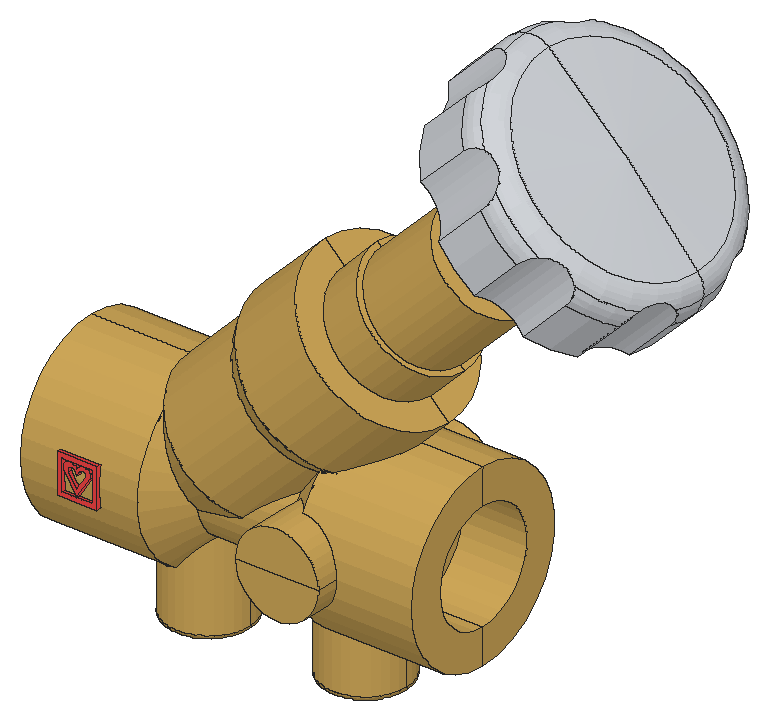
Revit family "Запорный клапан 4125 AD", category Rohrzubehör, Revit 2018
Family settings
  Bemaßung runder Anschluss = Durchmesser verwenden
  Teiletyp = Unterbricht
  OmniClass-Nummer = 23.65.55.14
  OmniClass-Titel = Valves for Liquid Services
  Arbeitsebenenbasiert = Nein
  Immer vertikal = Ja
  Beim Laden mit Abzugskörper schneiden = Nein
  Gemeinsam genutzt = Nein
Parameters
  Шпиндель = "Латунь CW617N"  # constant formula
  Уплотнение = "EPDM"  # constant formula
  Среда = "Качество теплоносителя в соответствии с ÖNORM H5195 и/или предписаниями VDI 2035.\r\nРазрешается использование смеси этилен- или пропиленгликоля в соотношении 25-50% с водой."
  Область применения = "Для перекрытия трубопроводов в системах отопления и холодоснабжения."
  Номер заказа [instance] = size_lookup("4125AD_", "Artnr", 0, Nennweite)  # 1412573
  Маховик = "Пластик"  # constant formula
  Макс. рабочее давление = 2000000.0 Pa  # constant formula
  Макс. рабочая температура = 110 °C  # constant formula
  Макс. перепад давления на закрытом клапане = 1000000.0 Pa  # constant formula
  Корпус = "Латунь, устойчивая к селективной цинковой коррозии, CC752S"  # constant formula
  Конус = "Латунь, устойчивая к селективной цинковой коррозии, CW602N"  # constant formula
  Исполнение = "STRÖMAX-AD-запорный клапан с наклонным шпинделем, латунный корпус без покрытия, модель с длинными резьбовыми муфтами и двумя отверстиями для дренажа, установлена 1 резьбовая заглушка 2 0273 0Х, неподнимающийся шпиндель, уплотнение шпинделя с помощью двойных уплотнительных колец O-Ring. Клапаны для слива заказываются отдельно."
  Букса = "Латунь, устойчивая к селективной цинковой коррозии, CW602N"  # constant formula
  W01 = 45.00°  # constant formula
  URL = "www.herz-armaturen.ru"
  SW01 = 60.00°  # constant formula
  SC_NennweiteBerechnet [instance] = 0
  SC_Dimension [instance] = ""
  SCRNSEQ = "ARM;ARM_TYP=\"ABSV\";2"
  SCRNCODE = "05;07;02"  # constant formula
  S03 = 60.000 mm  # constant formula
  S02 [instance] = L06 + L09 + L12 + L15  # 113.800 mm
  S01 [instance] = R01 * 2  # 41.000 mm
  R12 [instance] = R01 - 1.000 mm  # 19.500 mm
  R11 [instance] = size_lookup("4125AD_", "R11", 1.000 mm, Nennweite)  # 6.000 mm
  R100 = 1.000 mm  # constant formula
  R10 [instance] = size_lookup("4125AD_", "R10", 1.000 mm, Nennweite)  # 9.000 mm
  R09 [instance] = size_lookup("4125AD_", "R9", 1.000 mm, Nennweite)  # 12.750 mm
  R08 [instance] = size_lookup("4125AD_", "R8", 1.000 mm, Nennweite)  # 14.000 mm
  R07 [instance] = size_lookup("4125AD_", "R7", 1.000 mm, Nennweite)  # 20.000 mm
  R06 [instance] = size_lookup("4125AD_", "R6", 1.000 mm, Nennweite)  # 17.750 mm
  R05 [instance] = Nennweite / 2  # 12.500 mm
  R04 [instance] = size_lookup("4125AD_", "R4", 1.000 mm, Nennweite)  # 9.500 mm
  R03 = 9.500 mm  # constant formula
  R02 [instance] = Nennweite / 2  # 12.500 mm
  R01 [instance] = size_lookup("4125AD_", "R1", 1.000 mm, Nennweite)  # 20.500 mm
  Nennweite [instance] = 25.000 mm
  L16 [instance] = L01 / 2  # 13.500 mm
  L15 [instance] = size_lookup("4125AD_", "L15", 1.000 mm, Nennweite)  # 12.400 mm
  L14 [instance] = size_lookup("4125AD_", "L14", 1.000 mm, Nennweite)  # 12.000 mm
  L12 [instance] = size_lookup("4125AD_", "L12", 1.000 mm, Nennweite)  # 43.400 mm
  L11 [instance] = size_lookup("4125AD_", "L11", 1.000 mm, Nennweite)  # 22.400 mm
  L10 [instance] = size_lookup("4125AD_", "L10", 1.000 mm, Nennweite)  # 11.000 mm
  L09 [instance] = size_lookup("4125AD_", "L9", 1.000 mm, Nennweite)  # 19.500 mm
  L08 [instance] = size_lookup("4125AD_", "L8", 1.000 mm, Nennweite)  # 34.000 mm
  L07 [instance] = size_lookup("4125AD_", "L7", 1.000 mm, Nennweite)  # 18.000 mm
  L06 [instance] = size_lookup("4125AD_", "L6", 1.000 mm, Nennweite) - L09  # 38.500 mm
  L05 [instance] = size_lookup("4125AD_", "L5", 1.000 mm, Nennweite)  # 25.500 mm
  L04 [instance] = size_lookup("4125AD_", "L4", 1.000 mm, Nennweite)  # 25.500 mm
  L03 = 15.000 mm  # constant formula
  L02 [instance] = size_lookup("4125AD_", "L2", 1.000 mm, Nennweite)  # 11.000 mm
  L01 [instance] = size_lookup("4125AD_", "L1", 1.000 mm, Nennweite)  # 27.000 mm
  L00 [instance] = size_lookup("4125AD_", "L", 1.000 mm, Nennweite)  # 90.000 mm
  Hersteller = "HERZ Armaturen Ges.m.b.H."  # constant formula
  H01 [instance] = size_lookup("4125AD_", "H1", 1.000 mm, Nennweite)  # 32.000 mm
  DN80 [instance] = Nennweite = 80.000 mm  # no
  DN65 [instance] = Nennweite = 65.000 mm  # no
  DN50 [instance] = Nennweite = 50.000 mm  # no
  DN40 [instance] = Nennweite = 40.000 mm  # no
  DN32 [instance] = Nennweite = 32.000 mm  # no
  DN25-DN80 [instance] = or(Nennweite = 25.000 mm, Nennweite = 32.000 mm, Nennweite = 40.000 mm, Nennweite = 50.000 mm, Nennweite = 65.000 mm, Nennweite = 80.000 mm)  # yes
  DN25 [instance] = Nennweite = 25.000 mm  # yes
  DN20 [instance] = Nennweite = 20.000 mm  # no
  DN15 [instance] = Nennweite = 15.000 mm  # no
  DN [instance] = 0.000 mm
Reference planes
  plane 1 "Mitte (Vorne/hinten)": y = 0
  plane 2: z = 0
  plane 3 "Mitte (Links/rechts)": x = 0
Forms (mm)
  Revolve 1, solid, material "Messing, weicher Gelbton, geschweißt", detail levels fine
    sketch origin (470, 0, 0) x (1, 0, 0) y (0, 0, 1)
      loop
        line (-515, 12.5) -> (-500, 12.5) -> (-500, 0) -> (-440, 0) -> (-440, 12.5) -> (-425, 12.5) -> (-425, 20.5) -> (-452, 20.5) -> (-459, 12.5) -> (-481, 12.5) -> (-488, 20.5) -> (-515, 20.5) -> (-515, 12.5)
      axis (-515, 0) -> (-425, 0)
    angle from 0 to 360
  Revolve 2, solid, material "Messing, weicher Gelbton, geschweißt", detail levels fine
    sketch origin (470, 0, 0) x (1, 0, 0) y (0, 0, 1)
      loop
        line (-497.5, 0) -> (-497.5, -31)
        arc (-497.5, -31) -> (-497.207, -31.707) -> (-496.5, -32) r 1
        line (-496.5, -32) -> (-488, -32) -> (-488, 0) -> (-497.5, 0)
      axis (-488, 0) -> (-488, -32)
    angle from 0 to 360
  Revolve 3, solid, material "Messing, weicher Gelbton, geschweißt", detail levels fine
    sketch origin (0, 0, 0) x (1, 0, 0) y (0, 1, 0)
      loop
        line (18, -25.5) -> (27.5, -25.5) -> (27.5, 25.5) -> (18, 25.5) -> (18, -25.5)
      axis (18, -25.5) -> (18, 25.5)
    angle from 0 to 360
  Revolve 4, solid, material "Messing, weicher Gelbton, geschweißt", visible <- "DN25-DN80", detail levels fine
    sketch origin (-470, 0, 0) x (-1, 0, 0) y (0, 0, 1)
      loop
        line (-497.5, 0) -> (-497.5, -31)
        arc (-497.5, -31) -> (-497.207, -31.707) -> (-496.5, -32) r 1
        line (-496.5, -32) -> (-488, -32) -> (-488, 0) -> (-497.5, 0)
      axis (-488, 0) -> (-488, -32)
    angle from 0 to 360
  Revolve 5, solid, material "Messing, weicher Gelbton, geschweißt", detail levels fine
    sketch origin (0.32, 0, -0.105) x (1, 0, 0) y (0, 0, 1)
      loop
        line (-18.32, 0) -> (62.149, 80.469) -> (57.906, 84.711) -> (49.138, 75.943) -> (47.017, 78.065) -> (39.946, 70.994) -> (37.294, 73.645) -> (21.455, 57.806) -> (20.571, 58.69) -> (12.793, 50.912) -> (8.55, 55.154) -> (-5.239, 41.366) -> (-6.83, 36.593) -> (-22.386, 21.036) -> (-27.159, 8.839) -> (-18.32, 0)
      axis (-18.32, 0) -> (62.149, 80.469)
    angle from 0 to 360
Lines and regions (mm)
  model lines, detail levels coarse+medium
    curve 1: line (-45, 0, 20.5) -> (-45, 0, -20.5)
    curve 2: line (-45, 0, -20.5) -> (45, 0, 20.5)
    curve 3: line (45, 0, 20.5) -> (45, 0, -20.5)
    curve 4: line (45, 0, -20.5) -> (-45, 0, 20.5)
    curve 5: line (0, 0, 0) -> (56.9, 0, 98.554)
    curve 6: line (30.919, 0, 113.554) -> (82.881, 0, 83.554)
    curve 7: line (-45, -20.5, 0) -> (-45, 20.5, 0)
    curve 8: line (-45, 20.5, 0) -> (45, -20.5, 0)
    curve 9: line (45, -20.5, 0) -> (45, 20.5, 0)
    curve 10: line (45, 20.5, 0) -> (-45, -20.5, 0)
    curve 11: line (0, 0, 0) -> (56.9, 98.554, 0)
    curve 12: line (30.919, 113.554, 0) -> (82.881, 83.554, 0)
Dimensions and locks
  "H01": plane 2 to Revolve 2 sketch curve
  "L00": Revolve 1 sketch curve to Revolve 1 sketch curve
  equal spacing: Revolve 1 sketch curve, plane 3 "Mitte (Links/rechts)", Revolve 1 sketch curve
  "R01": Revolve 1 sketch curve to Revolve 1 sketch curve  (x2)
  "R02": Revolve 1 sketch curve to Revolve 1 sketch curve  (x3)
  "L01": Revolve 1 sketch curve to Revolve 1 sketch curve  (x2)
  "L02": plane 3 "Mitte (Links/rechts)" to Revolve 1 sketch curve
  "L02": Revolve 1 sketch curve to plane 3 "Mitte (Links/rechts)"
  "L03": Revolve 1 sketch curve to Revolve 1 sketch curve  (x2)
  "L01": Revolve 1 to Revolve 2 sketch curve
  "R03": Revolve 2 sketch curve to Revolve 2 sketch curve
  "L01": Revolve 4 sketch curve to Revolve 1
  "R03": Revolve 4 sketch curve to Revolve 4 sketch curve
  "H01": plane 2 to Revolve 4 sketch curve
  "L04": Revolve 3 sketch curve to plane 1 "Mitte (Vorne/hinten)"
  "L05": plane 1 "Mitte (Vorne/hinten)" to Revolve 3 sketch curve
  "R04": Revolve 3 sketch curve to Revolve 3 sketch curve
  "L01": Revolve 3 sketch curve to Revolve 1
  "R07": Revolve 5 sketch curve to Revolve 5 sketch curve
  "L07": plane 3 "Mitte (Links/rechts)" to Revolve 5 sketch curve
  "R05": Revolve 5 sketch curve to Revolve 5 sketch curve
  "L06": Revolve 5 sketch curve to Revolve 5 sketch curve
  "L08": Revolve 5 sketch curve to Revolve 5 sketch curve
  "R06": Revolve 5 sketch curve to Revolve 5 sketch curve
  "L14": Revolve 5 sketch curve to Revolve 5 sketch curve
  "L09": Revolve 5 sketch curve to Revolve 5 sketch curve
  "R08": Revolve 5 sketch curve to Revolve 5 sketch curve
  "L10": Revolve 5 sketch curve to Revolve 5 sketch curve
  "R09": Revolve 5 sketch curve to Revolve 5 sketch curve
  "R10": Revolve 5 sketch curve to Revolve 5 sketch curve
  "L12": Revolve 5 sketch curve to Revolve 5 sketch curve
  "R11": Revolve 5 sketch curve to Revolve 5 sketch curve
  "L15": Revolve 5 sketch curve to Revolve 5 sketch curve
  "L11": Revolve 5 sketch curve to Revolve 5 sketch curve
  "R12": nested 9 to plane 1 "Mitte (Vorne/hinten)"
  "L16": Revolve 1 to nested 9
  equal spacing: curve 1, plane 3 "Mitte (Links/rechts)", curve 3
  "L00": curve 1 to curve 3
  equal spacing: curve 4, plane 2, curve 2
  "S01": curve 4 to curve 1
  "S01": curve 3 to curve 4
  equal spacing: curve 3, plane 2, curve 4
  "S02": curve 5 to curve 5
  equal spacing: curve 6, curve 5, curve 6
  "S03": curve 6 to curve 6
  equal spacing: curve 7, plane 3 "Mitte (Links/rechts)", curve 9
  "L00": curve 7 to curve 9
  equal spacing: curve 10, plane 1 "Mitte (Vorne/hinten)", curve 8
  "S01": curve 8 to curve 10
  equal spacing: curve 9, plane 1 "Mitte (Vorne/hinten)", curve 10
  "S01": curve 10 to curve 9
  "S02": curve 11 to curve 11
  equal spacing: curve 12, curve 11, curve 12
  "S03": curve 12 to curve 12
  "R100": radius of Revolve 2 sketch curve
  "R100": radius of Revolve 4 sketch curve
  "W01": angle plane 2 to Revolve 5 sketch curve
  "W01": angle level to Revolve 5 sketch curve
  "SW01": angle plane 2 to curve 5
  "SW01": angle plane 1 "Mitte (Vorne/hinten)" to curve 11
  aligned and locked: level to plane 2
Automatic sketch dimensions
  curve 5 to level = 0.000 mm
  plane 1 "Mitte (Vorne/hinten)" to curve 11 = 0.000 mm
  Revolve 1 sketch curve to level = 0.000 mm  (x2)
  Revolve 1 sketch curve to Revolve 1 sketch curve = 791.990 mm
  Revolve 1 sketch curve to Revolve 1 sketch curve = 2278.983 mm
  Revolve 2 sketch curve to level = 0.000 mm  (x2)
  Revolve 2 sketch curve to Revolve 2 sketch curve = 0.000 mm
  Revolve 2 sketch curve to Revolve 2 sketch curve = 0.292 mm
  Revolve 3 sketch curve to Revolve 3 sketch curve = 0.000 mm  (x3)
  Revolve 4 sketch curve to level = 0.000 mm  (x2)
  Revolve 4 sketch curve to Revolve 4 sketch curve = 0.000 mm
  Revolve 4 sketch curve to Revolve 4 sketch curve = 0.292 mm
  Revolve 5 sketch curve to level = 0.105 mm
  Revolve 5 sketch curve to Revolve 5 sketch curve = 0.000 mm  (x2)
Nested families
  nested 1: "Strömax-Handrad_Schrägsitz" at (42.584, 0, 54.979), visible <- "DN15", type "Strömax-Handrad_Schrägsitz", detail levels fine
    with Nennweite 0.000 mm, Gewicht 0.00 kg, Bestellnummer 0
  nested 2: "Strömax-Handrad_Schrägsitz" at (54.312, 0, 67.707), visible <- "DN20", type "Strömax-Handrad_Schrägsitz", detail levels fine
    with Nennweite 0.000 mm, Gewicht 0.00 kg, Bestellnummer 0
  nested 3: "Strömax-Handrad_Schrägsitz" at (62.469, 0, 80.364), visible <- "DN25", type "Strömax-Handrad_Schrägsitz", detail levels fine
    with Nennweite 0.000 mm, Gewicht 0.00 kg, Bestellnummer 0
  nested 4: "Strömax-Handrad_Schrägsitz" at (71.712, 0, 91.607), visible <- "DN32", type "Strömax-Handrad_Schrägsitz", detail levels fine
    with Nennweite 0.000 mm, Gewicht 0.00 kg, Bestellnummer 0
  nested 5: "Strömax-Handrad_Schrägsitz" at (80.399, 0, 101.294), visible <- "DN40", type "Strömax-Handrad_Schrägsitz", detail levels fine
    with Nennweite 0.000 mm, Gewicht 0.00 kg, Bestellnummer 0
  nested 6: "Strömax-Handrad_Schrägsitz" at (97.83, 0, 129.225), visible <- "DN50", type "Strömax-Handrad_Schrägsitz", detail levels fine
    with Nennweite 0.000 mm, Gewicht 0.00 kg, Bestellnummer 0
  nested 7: "Strömax-Handrad_Schrägsitz" at (114.482, 0, 149.378), visible <- "DN65", type "Strömax-Handrad_Schrägsitz", detail levels fine
    with Nennweite 0.000 mm, Gewicht 0.00 kg, Bestellnummer 0
  nested 8: "Strömax-Handrad_Schrägsitz" at (140.423, 0, 183.319), visible <- "DN80", type "Strömax-Handrad_Schrägsitz", detail levels fine
    with Nennweite 0.000 mm, Gewicht 0.00 kg, Bestellnummer 0
  nested 9: "Herz-Logo-vorne" at (-31.5, -20.232, 0) x (0, 1, 0) z (0, 0, 1), type "Herz-Logo-vorne", detail levels fine
Connectors
  piping at (-30, 0, 0), diameter 25, driven by "Nennweite"
    settings: on Revolve 1, index 1, connector inside diameter 609.6 mm, connector length 0.000 mm, flow factor 0, pipe flow 0.0 L/s, pressure drop 0.0 Pa, fitting loss kfactor 0, connector angle 0.00°, fixture units 0, engagement length 0.000 mm, angle of deflection 0.00°, flow configuration 0, flow direction 1, fitting loss method 0, system type 29, joint type 0, gender type 0, connector reference index -1, connector utility 0, adjustable connector no, is connector primary yes, connector description ""
  piping at (30, 0, 0), diameter 25, driven by "Nennweite"
    settings: on Revolve 1, index 2, connector inside diameter 609.6 mm, connector length 0.000 mm, flow factor 0, pipe flow 0.0 L/s, pressure drop 0.0 Pa, fitting loss kfactor 0, connector angle 0.00°, fixture units 0, engagement length 0.000 mm, angle of deflection 0.00°, flow configuration 0, flow direction 2, fitting loss method 0, system type 29, joint type 0, gender type 0, connector reference index -1, connector utility 0, adjustable connector no, is connector primary no, connector description ""
Definition of nested family "Strömax-Handrad_Schrägsitz"
  Parameters (values of type "Strömax-Handrad_Schrägsitz")
    URL = "www.herz-armaturen.at"
    Nennweite [instance] = 0.000 mm
    Manufacturer = "Herz Armaturen GmbH"  # constant formula
    Gewicht [instance] = 0.00 kg
    Bestellnummer [instance] = 0
  Reference planes
    plane 1 "Mitte (Vorne/hinten)": y = 0
    plane 2: z = 0
    plane 3 "Mitte (Links/rechts)": x = 0
  Forms (mm)
    Revolve 1, solid
      sketch origin (0, 0, 0) x (0.707107, 0, -0.707107) y (0.707107, 0, 0.707107)
        loop
          line (0, 0) -> (0, 22)
          arc (0, 22) -> (-12.15, 21.705) -> (-24.271, 20.819) r 250
          arc (-24.271, 20.819) -> (-26.831, 19.959) -> (-28.754, 18.063) r 6
          arc (-28.754, 18.063) -> (-29.682, 16.008) -> (-30, 13.776) r 8
          line (-30, 13.776) -> (-30, 0) -> (0, 0)
        axis (0, 22) -> (0, 0)
      angle from 0 to 360
    Extrusion 2, void
      sketch origin (0, 0, 0) x (0.707107, 0, -0.707107) y (0, 1, 0)
        loop
          circle (14.351, -34.645) r 10
      from 0 to 22
    Extrusion 3, void
      sketch origin (0, 0, 0) x (-0.707107, 0, 0.707107) y (0, -1, 0)
        loop
          circle (14.351, 34.645) r 10
      from 0 to 22
    Extrusion 4, void
      sketch origin (0, 0, 0) x (0, -1, 0) y (0.707107, 0, -0.707107)
        loop
          circle (14.351, 34.645) r 10
      from 0 to 22
    Extrusion 5, void
      sketch origin (0, 0, 0) x (0, 1, 0) y (-0.707107, 0, 0.707107)
        loop
          circle (14.351, -34.645) r 10
      from 0 to 22
    Extrusion 6, void
      sketch origin (0, 0, 0) x (0, -1, 0) y (0.707107, 0, -0.707107)
        loop
          circle (14.351, -34.645) r 10
      from 0 to 22
    Extrusion 7, void
      sketch origin (0, 0, 0) x (0, 1, 0) y (-0.707107, 0, 0.707107)
        loop
          circle (14.351, 34.645) r 10
      from 0 to 22
    Extrusion 8, void
      sketch origin (0, 0, 0) x (0.707107, 0, -0.707107) y (0, 1, 0)
        loop
          circle (14.351, 34.645) r 10
      from 0 to 22
    Extrusion 9, void
      sketch origin (0, 0, 0) x (-0.707107, 0, 0.707107) y (0, -1, 0)
        loop
          circle (14.351, -34.645) r 10
      from 0 to 22
  Cuts and joins
    Extrusion 2, Extrusion 3, Extrusion 4, Extrusion 5, Extrusion 6, Extrusion 7, Extrusion 8, Extrusion 9 cuts Revolve 1
  Dimensions and locks
    aligned and locked: level to plane 2
Definition of nested family "Herz-Logo-vorne"
  Reference planes
    plane 1 "Mitte (Vorne/hinten)": y = 0
    plane 2: z = 0
    plane 3 "Mitte (Links/rechts)": x = 0
  Forms (mm)
    Extrusion 1, solid
      sketch origin (0.732, -0.018, 0.017) x (0, -1, 0) y (0, 0, 1)
        loop
          line (-0.018, -4.517) -> (4.482, -4.517) -> (4.482, 4.483) -> (-4.518, 4.483) -> (-4.518, -4.517) -> (-0.018, -4.517)
        loop
          line (-0.05, -3.48) -> (3.482, -3.48) -> (3.482, 3.483) -> (-3.518, 3.483) -> (-3.518, -3.48) -> (-0.05, -3.48)
        loop
          arc (-0.018, 2.383) -> (-1.543, 3.287) -> (-3.067, 2.383) r 1.738
          arc (-3.067, 2.383) -> (-3.191, 1.899) -> (-3.067, 1.415) r 1.009
          line (-3.067, 1.415) -> (-0.018, -3.281) -> (3.032, 1.415)
          arc (3.032, 1.415) -> (3.156, 1.899) -> (3.032, 2.383) r 1.009
          arc (3.032, 2.383) -> (1.507, 3.287) -> (-0.018, 2.383) r 1.738
        loop
          arc (1.885, 1.272) -> (2.005, 1.675) -> (1.885, 2.079) r 0.74
          arc (1.885, 2.079) -> (1.265, 2.416) -> (0.644, 2.079) r 0.74
          line (0.644, 2.079) -> (-0.018, 0.97) -> (-0.679, 2.079)
          arc (-0.679, 2.079) -> (-1.3, 2.416) -> (-1.921, 2.079) r 0.74
          arc (-1.921, 2.079) -> (-2.04, 1.675) -> (-1.921, 1.272) r 0.74
          line (-1.921, 1.272) -> (-0.018, -1.658) -> (1.885, 1.272)
      from 0 to 1.5
  Dimensions and locks
    aligned and locked: level to plane 2
